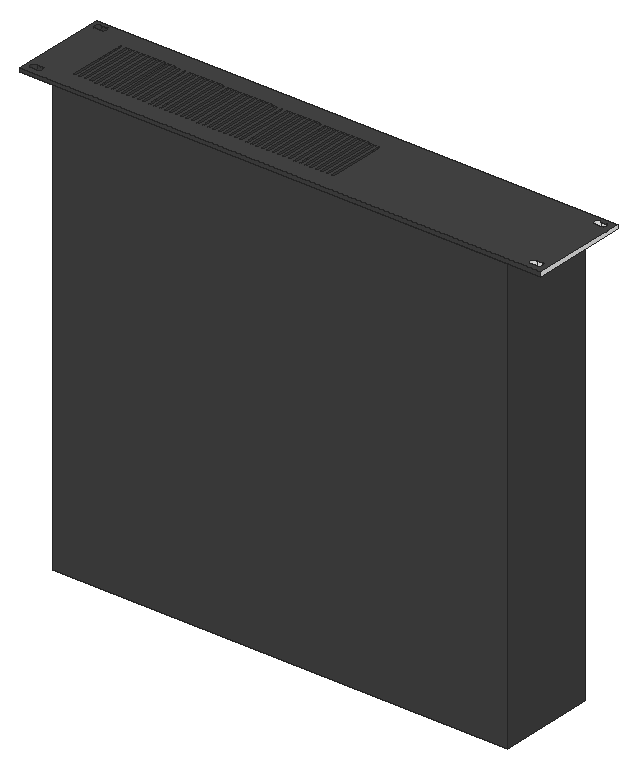
Revit family "Digital_Media-Honeywell-Amplifier-580231(32)", category Electrical Equipment, host Face, Revit 2017
Family settings
  Host = Face
  Round Connector Dimension = Use Diameter
  Part Type = Other Panel
  OmniClass Number = 23.85.50.00
  OmniClass Title = Communication Systems
  Cut with Voids When Loaded = No
  Shared = No
  Room Calculation Point = No
Parameters (values of type "Power amplifier 2XD400 - 580232")
  Width = 482 mm  # constant formula
  Weight = if(Constraints = 1, 16.4999 kgf, 18.9999 kgf)  # 18.9999 kgf
  Watts = if(Constraints = 1, 250 W, 400 W)  # 400 W
  Wattage = if(Constraints = 1, "250 W", "400 W")  # "400 W"
  Voltage = "250"  # constant formula
  Version = "2017 - v1.0a"  # constant formula
  Utility = no
  Storage Temperature = "-10 °C ... 55 °C"  # constant formula
  Rated current = if(Constraints = 1, "2.8 A", "4.5 A")  # "4.5 A"
  Rated Voltage = "230 V AC"  # constant formula
  Rated Load Current = if(Constraints = 1, 2.8 A, 4.5 A)  # 4.5 A
  Rated Frequency = "50 ... 60 Hz"  # constant formula
  Power Output = if(Constraints = 1, "2 x 250 W", "2 x 400 W")  # "2 x 400 W"
  Power Factor = 1
  Number of Poles = 1
  Manufacturer Phone Number = "02131/40615-600"  # constant formula
  Manufacturer Fax Number = "02131/40615-606"  # constant formula
  Manufacturer Email = "mailto:info@esser-systems.com"
  Manufacturer Address = "Dieselstr. 2 41469 Neuss Germany"  # constant formula
  Load Sub-Classification = no
  Frequency = 50 Hz
  Finish = Metal - Honeywell - Stainless Steel - Black
  URL = "www.esser-systems.com"
  Support Phone = "(224) 699-9545"  # constant formula
  Support Email = "mailto:support@anguleris.com"
  Product Page URL = "https://www.esser-systems.com/en/products/details/variodyn-d1/power-amplifier/580232-power-amplifier-2xd400/"
  Product Name = "Power amplifier "  # constant formula
  Product Documentation Link = "https://www.esser-systems.com/en/products/details/variodyn-d1/power-amplifier/580232-power-amplifier-2xd400/download/productdatasheet/3000492"
  Model = if(Constraints = 1, "580231", "580232")  # "580232"
  Material = ""
  Manufacturer = "Honeywell International"  # constant formula
  Keynote = ""
  Height = 89 mm  # constant formula
  Description = if(Constraints = 1, "Power amplifier 2XD250", "Power amplifier 2XD400")  # "Power amplifier 2XD400"
  Depth = 402 mm  # constant formula
  Default Elevation = 1219.2 mm
  Copyright = "© Copyright 2005-2019 Honeywell International Inc. All rights reserved."  # constant formula
  Constraints = 2
  Assembly Code = ""
  Apparent Load = 0 VA
  Ambient Temperature = "-5 °C ... 55 °C"  # constant formula
  Air Humidity = if(Constraints = 1, "0 ... 93 %", "< 93 %")  # "< 93 %"
Types (2, lengths in mm): name | Weight | Watts | Wattage | Rated current | Rated Load Current | Power Output | Product Page URL | Product Documentation Link | Model | Description | Constraints | Air Humidity
  Power amplifier 2XD250 - 580231 | 16.4999 kgf | 250 W | "250 W" | "2.8 A" | 2.8 A | "2 x 250 W" | "https://www.esser-systems.com/en/products/details/variodyn-d1/power-amplifier/580231-power-amplifier-2xd250/" | "https://www.esser-systems.com/en/products/details/variodyn-d1/power-amplifier/580231-power-amplifier-2xd250/download/productdatasheet/3000101" | "580231" | "Power amplifier 2XD250" | 1 | "0 ... 93 %"
  Power amplifier 2XD400 - 580232 | 18.9999 kgf | 400 W | "400 W" | "4.5 A" | 4.5 A | "2 x 400 W" | "https://www.esser-systems.com/en/products/details/variodyn-d1/power-amplifier/580232-power-amplifier-2xd400/" | "https://www.esser-systems.com/en/products/details/variodyn-d1/power-amplifier/580232-power-amplifier-2xd400/download/productdatasheet/3000492" | "580232" | "Power amplifier 2XD400" | 2 | "< 93 %"
Reference planes
  plane 1 "Center (Front/Back)": y = 317.025
  plane 2: z = 0
  plane 3 "Center (Left/Right)": x = 0
  plane 4: y = -857.675
  plane 5: x = -241
  plane 6: x = 241
  plane 7: y = 361.525
  plane 8: y = 272.525
  plane 9 "Back": z = -402
  plane 10: z = 10.875
  plane 11: x = -158.75
Forms (mm)
  Extrusion 1, void
    sketch origin (0, 0, 0) x (1, 0, 0) y (0, 1, 0)
      loop
        line (-241, 361.525) -> (-241, 272.525) -> (241, 272.525) -> (241, 361.525) -> (-241, 361.525)
    from -402 to 10.875
  Extrusion 2, solid, material "Metal - Honeywell - Stainless Steel - Black" <- "Finish"
    sketch origin (0, 0, 0) x (1, 0, 0) y (0, 1, 0)
      loop
        line (241, 272.525) -> (241, 361.525) -> (-241, 361.525) -> (-241, 272.525) -> (241, 272.525)
      loop
        arc (-233.771, 357.367) -> (-236.919, 354.22) -> (-233.771, 351.072) r 3.148
        line (-233.771, 351.072) -> (-228.928, 351.072)
        arc (-228.928, 351.072) -> (-225.78, 354.22) -> (-228.928, 357.367) r 3.148
        line (-228.928, 357.367) -> (-233.771, 357.367)
      loop
        line (-233.771, 276.683) -> (-228.928, 276.683)
        arc (-228.928, 276.683) -> (-225.78, 279.831) -> (-228.928, 282.979) r 3.148
        line (-228.928, 282.979) -> (-233.771, 282.979)
        arc (-233.771, 282.979) -> (-236.919, 279.831) -> (-233.771, 276.683) r 3.148
      loop
        line (233.771, 357.367) -> (228.928, 357.367)
        arc (228.928, 357.367) -> (225.78, 354.22) -> (228.928, 351.072) r 3.148
        line (228.928, 351.072) -> (233.771, 351.072)
        arc (233.771, 351.072) -> (236.919, 354.22) -> (233.771, 357.367) r 3.148
      loop
        arc (233.771, 276.683) -> (236.919, 279.831) -> (233.771, 282.979) r 3.148
        line (233.771, 282.979) -> (228.928, 282.979)
        arc (228.928, 282.979) -> (225.78, 279.831) -> (228.928, 276.683) r 3.148
        line (228.928, 276.683) -> (233.771, 276.683)
      loop
        line (-204.682, 343.22) -> (-204.682, 289.22) -> (-202.153, 289.22) -> (-202.153, 343.22) -> (-204.682, 343.22)
      loop
        line (-199.741, 343.22) -> (-199.741, 289.22) -> (-197.189, 289.22) -> (-197.189, 343.22) -> (-199.741, 343.22)
      loop
        line (-194.682, 343.22) -> (-194.682, 289.22) -> (-192.153, 289.22) -> (-192.153, 343.22) -> (-194.682, 343.22)
      loop
        line (-189.741, 343.22) -> (-189.741, 289.22) -> (-187.189, 289.22) -> (-187.189, 343.22) -> (-189.741, 343.22)
      loop
        line (-184.777, 343.22) -> (-184.777, 289.22) -> (-182.225, 289.22) -> (-182.225, 343.22) -> (-184.777, 343.22)
      loop
        line (-179.718, 343.22) -> (-179.718, 289.22) -> (-177.189, 289.22) -> (-177.189, 343.22) -> (-179.718, 343.22)
      loop
        line (-174.777, 343.22) -> (-174.777, 289.22) -> (-172.225, 289.22) -> (-172.225, 343.22) -> (-174.777, 343.22)
      loop
        line (-169.813, 343.22) -> (-169.813, 289.22) -> (-167.261, 289.22) -> (-167.261, 343.22) -> (-169.813, 343.22)
      loop
        line (-164.754, 343.22) -> (-164.754, 289.22) -> (-162.225, 289.22) -> (-162.225, 343.22) -> (-164.754, 343.22)
      loop
        line (-160.313, 343.22) -> (-160.313, 289.22) -> (-157.761, 289.22) -> (-157.761, 343.22) -> (-160.313, 343.22)
      loop
        line (-155.349, 343.22) -> (-155.349, 289.22) -> (-152.797, 289.22) -> (-152.797, 343.22) -> (-155.349, 343.22)
      loop
        line (-150.29, 343.22) -> (-150.29, 289.22) -> (-147.761, 289.22) -> (-147.761, 343.22) -> (-150.29, 343.22)
      loop
        line (-145.349, 343.22) -> (-145.349, 289.22) -> (-142.797, 289.22) -> (-142.797, 343.22) -> (-145.349, 343.22)
      loop
        line (-140.384, 343.22) -> (-140.384, 289.22) -> (-137.833, 289.22) -> (-137.833, 343.22) -> (-140.384, 343.22)
      loop
        line (-135.325, 343.22) -> (-135.325, 289.22) -> (-132.797, 289.22) -> (-132.797, 343.22) -> (-135.325, 343.22)
      loop
        line (-130.384, 343.22) -> (-130.384, 289.22) -> (-127.833, 289.22) -> (-127.833, 343.22) -> (-130.384, 343.22)
      loop
        line (-125.42, 343.22) -> (-125.42, 289.22) -> (-122.868, 289.22) -> (-122.868, 343.22) -> (-125.42, 343.22)
      loop
        line (-120.361, 343.22) -> (-120.361, 289.22) -> (-117.833, 289.22) -> (-117.833, 343.22) -> (-120.361, 343.22)
      loop
        line (-115.42, 343.22) -> (-115.42, 289.22) -> (-112.868, 289.22) -> (-112.868, 343.22) -> (-115.42, 343.22)
      loop
        line (-110.456, 343.22) -> (-110.456, 289.22) -> (-107.904, 289.22) -> (-107.904, 343.22) -> (-110.456, 343.22)
      loop
        line (-105.397, 343.22) -> (-105.397, 289.22) -> (-102.868, 289.22) -> (-102.868, 343.22) -> (-105.397, 343.22)
      loop
        line (-100.456, 343.22) -> (-100.456, 289.22) -> (-97.904, 289.22) -> (-97.904, 343.22) -> (-100.456, 343.22)
      loop
        line (-95.492, 343.22) -> (-95.492, 289.22) -> (-92.94, 289.22) -> (-92.94, 343.22) -> (-95.492, 343.22)
      loop
        line (-90.433, 343.22) -> (-90.433, 289.22) -> (-87.904, 289.22) -> (-87.904, 343.22) -> (-90.433, 343.22)
      loop
        line (-85.492, 343.22) -> (-85.492, 289.22) -> (-82.94, 289.22) -> (-82.94, 343.22) -> (-85.492, 343.22)
      loop
        line (-80.528, 343.22) -> (-80.528, 289.22) -> (-77.976, 289.22) -> (-77.976, 343.22) -> (-80.528, 343.22)
      loop
        line (-75.469, 343.22) -> (-75.469, 289.22) -> (-72.94, 289.22) -> (-72.94, 343.22) -> (-75.469, 343.22)
      loop
        line (-70.528, 343.22) -> (-70.528, 289.22) -> (-67.976, 289.22) -> (-67.976, 343.22) -> (-70.528, 343.22)
      loop
        line (-65.564, 343.22) -> (-65.564, 289.22) -> (-63.012, 289.22) -> (-63.012, 343.22) -> (-65.564, 343.22)
      loop
        line (-60.505, 343.22) -> (-60.505, 289.22) -> (-57.976, 289.22) -> (-57.976, 343.22) -> (-60.505, 343.22)
      loop
        line (-55.564, 343.22) -> (-55.564, 289.22) -> (-53.012, 289.22) -> (-53.012, 343.22) -> (-55.564, 343.22)
      loop
        line (-50.6, 343.22) -> (-50.6, 289.22) -> (-48.048, 289.22) -> (-48.048, 343.22) -> (-50.6, 343.22)
      loop
        line (-45.541, 343.22) -> (-45.541, 289.22) -> (-43.012, 289.22) -> (-43.012, 343.22) -> (-45.541, 343.22)
      loop
        line (-40.6, 343.22) -> (-40.6, 289.22) -> (-38.048, 289.22) -> (-38.048, 343.22) -> (-40.6, 343.22)
      loop
        line (-35.635, 343.22) -> (-35.635, 289.22) -> (-33.084, 289.22) -> (-33.084, 343.22) -> (-35.635, 343.22)
      loop
        line (-30.577, 343.22) -> (-30.577, 289.22) -> (-28.048, 289.22) -> (-28.048, 343.22) -> (-30.577, 343.22)
      loop
        line (-25.635, 343.22) -> (-25.635, 289.22) -> (-23.084, 289.22) -> (-23.084, 343.22) -> (-25.635, 343.22)
      loop
        line (-20.671, 343.22) -> (-20.671, 289.22) -> (-18.119, 289.22) -> (-18.119, 343.22) -> (-20.671, 343.22)
      loop
        line (-15.612, 343.22) -> (-15.612, 289.22) -> (-13.084, 289.22) -> (-13.084, 343.22) -> (-15.612, 343.22)
      loop
        line (-10.671, 343.22) -> (-10.671, 289.22) -> (-8.119, 289.22) -> (-8.119, 343.22) -> (-10.671, 343.22)
      loop
        line (-5.707, 343.22) -> (-5.707, 289.22) -> (-3.155, 289.22) -> (-3.155, 343.22) -> (-5.707, 343.22)
      loop
        line (-0.648, 343.22) -> (-0.648, 289.22) -> (1.881, 289.22) -> (1.881, 343.22) -> (-0.648, 343.22)
      loop
        line (4.293, 343.22) -> (4.293, 289.22) -> (6.845, 289.22) -> (6.845, 343.22) -> (4.293, 343.22)
      loop
        line (9.257, 343.22) -> (9.257, 289.22) -> (11.809, 289.22) -> (11.809, 343.22) -> (9.257, 343.22)
      loop
        line (14.316, 343.22) -> (14.316, 289.22) -> (16.845, 289.22) -> (16.845, 343.22) -> (14.316, 343.22)
      loop
        line (19.257, 343.22) -> (19.257, 289.22) -> (21.809, 289.22) -> (21.809, 343.22) -> (19.257, 343.22)
      loop
        line (24.221, 343.22) -> (24.221, 289.22) -> (26.773, 289.22) -> (26.773, 343.22) -> (24.221, 343.22)
      loop
        line (29.28, 343.22) -> (29.28, 289.22) -> (31.809, 289.22) -> (31.809, 343.22) -> (29.28, 343.22)
      loop
        line (34.221, 343.22) -> (34.221, 289.22) -> (36.773, 289.22) -> (36.773, 343.22) -> (34.221, 343.22)
    from 0 to 4
  Extrusion 3, solid, material "Metal - Honeywell - Stainless Steel - Black"
    sketch origin (0, 0, 0) x (1, 0, 0) y (0, 1, 0)
      loop
        line (-210.879, 361.525) -> (-210.879, 272.525) -> (211, 272.525) -> (211, 361.525) -> (-210.879, 361.525)
    from 0 to -402
Lines and regions (mm)
  Masking region 1
    outline origin (0, 317.025, 0) x (1, 0, 0) y (0, 0, 1)
      loop
        line (-241, -402) -> (241, -402) -> (241, 4) -> (-241, 4) -> (-241, -402)
  Split face 1
    outline origin (-58.762, -6.79, 4) x (1, 0, 0) y (0, 1, 0)
      loop
        line (112.112, 324.85) -> (112.112, 321.479) -> (139.337, 321.479) -> (139.337, 324.85) -> (112.112, 324.85)
  Split face 2
    outline origin (-30.857, -30.226, 4) x (1, 0, 0) y (0, 1, 0)
      loop
        line (84.583, 352.548) -> (84.583, 348.952) -> (111.825, 348.952) -> (111.825, 352.548) -> (84.583, 352.548)
  Split face 3
    outline origin (-58.762, -6.172, 4) x (1, 0, 0) y (0, 1, 0)
      loop
        line (112.112, 319.232) -> (112.112, 315.524) -> (139.924, 315.524) -> (139.924, 319.232) -> (112.112, 319.232)
  Split face 4
    outline origin (-38.023, -5.432, 4) x (1, 0, 0) y (0, 1, 0)
      loop
        line (91.371, 313.077) -> (91.371, 309.818) -> (118.973, 309.818) -> (118.973, 313.077) -> (91.371, 313.077)
  Split face 5
    outline origin (0, 0, 4) x (1, 0, 0) y (0, 1, 0)
      loop
        line (178.089, 361.525) -> (178.089, 272.525)
  Split face 6
    outline origin (0, 0, 4) x (1, 0, 0) y (0, 1, 0)
      loop
        line (80.951, 303.225) -> (80.951, 296.784) -> (114.421, 296.784) -> (114.421, 303.225) -> (80.951, 303.225)
  Split face 7
    outline origin (-0.563, -33.983, 4) x (1, 0, 0) y (0, 1, 0)
      loop
        line (128.232, 356.869) -> (128.232, 353.854) -> (148.955, 353.854) -> (148.955, 356.869) -> (128.232, 356.869)
  Split face 8
    outline origin (0, 0, 4) x (1, 0, 0) y (0, 1, 0)
      loop
        line (128.232, 313.059) -> (128.232, 309.351) -> (148.955, 309.351) -> (148.955, 313.059) -> (128.232, 313.059)
  Split face 9
    outline origin (0, 0, 4) x (1, 0, 0) y (0, 1, 0)
      loop
        line (128.232, 306.909) -> (128.232, 303.829) -> (148.955, 303.829) -> (148.955, 306.909) -> (128.232, 306.909)
  Split face 10
    outline origin (0, 0, 4) x (1, 0, 0) y (0, 1, 0)
      loop
        line (53.726, 329.107) -> (53.726, 325.352) -> (81.162, 325.352) -> (81.162, 329.107) -> (53.726, 329.107)
  Split face 11
    outline origin (0, 0, 4) x (1, 0, 0) y (0, 1, 0)
      loop
        line (128.232, 329.107) -> (128.232, 325.352) -> (148.955, 325.352) -> (148.955, 329.107) -> (128.232, 329.107)
  Split face 12
    outline origin (-241, 361.525, 0) x (1, 0, 0) y (0, 0, -1)
      loop
        line (419.089, -4) -> (419.089, 0)
  Split face 13
    outline origin (241, 272.525, 0) x (-1, 0, 0) y (0, 0, -1)
      loop
        line (62.911, -4) -> (62.911, 0)
Dimensions and locks
  "Default Elevation": plane 4 to plane 7
  plane 10 to Masking region 1 = 6.875 mm
  "Depth": level to plane 9 "Back"
  "Height": plane 8 to plane 7
  equal spacing: plane 5, plane 3 "Center (Left/Right)", plane 6
  "Width": plane 5 to plane 6
  equal spacing: plane 8, plane 1 "Center (Front/Back)", plane 7
  locked: plane 10 to level at 10.875
  locked: plane 5 to Extrusion 3 sketch curve at 30.121
  locked: Extrusion 3 sketch curve to plane 6 at 30
  locked: Extrusion 2 to level at 4  (x3)
  Extrusion 2 sketch curve to Extrusion 2 sketch curve to plane 7 = 6.296 mm locked, 4.158 mm locked  (x2)
  plane 5 to Extrusion 2 sketch curve to Extrusion 2 sketch curve = 4.081 mm locked, 11.139 mm  (x2)
  Extrusion 2 sketch curve to Extrusion 2 sketch curve to plane 8 = 6.296 mm locked, 4.158 mm locked  (x2)
  plane 6 to Extrusion 2 sketch curve to Extrusion 2 sketch curve = 4.081 mm locked, 11.139 mm  (x2)
  locked: host sketch curve to plane 3 "Center (Left/Right)" at 1219.2  (x12)
  locked: host sketch curve to plane 1 "Center (Front/Back)" at 1536.225  (x6)
  locked: host sketch curve to plane 1 "Center (Front/Back)" at 902.175  (x6)
  locked: Extrusion 1 sketch curve to plane 3 "Center (Left/Right)" at 241  (x12)
  locked: Extrusion 1 sketch curve to plane 1 "Center (Front/Back)" at 44.5  (x12)
  locked: Extrusion 2 to plane 3 "Center (Left/Right)" at 241  (x4)
  locked: Extrusion 2 to plane 3 "Center (Left/Right)" at 202.153  (x2)
  locked: Extrusion 2 to plane 3 "Center (Left/Right)" at 204.682  (x2)
  locked: Extrusion 2 to plane 3 "Center (Left/Right)" at 197.189  (x2)
  locked: Extrusion 2 to plane 3 "Center (Left/Right)" at 199.741  (x2)
  locked: Extrusion 2 to plane 3 "Center (Left/Right)" at 192.153  (x2)
  locked: Extrusion 2 to plane 3 "Center (Left/Right)" at 194.682  (x2)
  locked: Extrusion 2 to plane 3 "Center (Left/Right)" at 187.189  (x2)
  locked: Extrusion 2 to plane 3 "Center (Left/Right)" at 189.741  (x2)
  locked: Extrusion 2 to plane 3 "Center (Left/Right)" at 182.225  (x2)
  locked: Extrusion 2 to plane 3 "Center (Left/Right)" at 184.777  (x2)
  locked: Extrusion 2 to plane 3 "Center (Left/Right)" at 177.189  (x2)
  locked: Extrusion 2 to plane 3 "Center (Left/Right)" at 179.718  (x2)
  locked: Extrusion 2 to plane 3 "Center (Left/Right)" at 172.225  (x2)
  locked: Extrusion 2 to plane 3 "Center (Left/Right)" at 174.777  (x2)
  locked: Extrusion 2 to plane 3 "Center (Left/Right)" at 167.261  (x2)
  locked: Extrusion 2 to plane 3 "Center (Left/Right)" at 169.813  (x2)
  locked: Extrusion 2 to plane 3 "Center (Left/Right)" at 162.225  (x2)
  locked: Extrusion 2 to plane 3 "Center (Left/Right)" at 164.754  (x2)
  locked: Extrusion 2 to plane 3 "Center (Left/Right)" at 157.761  (x2)
  locked: Extrusion 2 to plane 3 "Center (Left/Right)" at 160.313  (x2)
  locked: Extrusion 2 to plane 3 "Center (Left/Right)" at 152.797  (x2)
  locked: Extrusion 2 to plane 3 "Center (Left/Right)" at 155.349  (x2)
  locked: Extrusion 2 to plane 3 "Center (Left/Right)" at 147.761  (x2)
  locked: Extrusion 2 to plane 3 "Center (Left/Right)" at 150.29  (x2)
  locked: Extrusion 2 to plane 3 "Center (Left/Right)" at 142.797  (x2)
  locked: Extrusion 2 to plane 3 "Center (Left/Right)" at 145.349  (x2)
  locked: Extrusion 2 to plane 3 "Center (Left/Right)" at 137.833  (x2)
  locked: Extrusion 2 to plane 3 "Center (Left/Right)" at 140.384  (x2)
  locked: Extrusion 2 to plane 3 "Center (Left/Right)" at 132.797  (x2)
  locked: Extrusion 2 to plane 3 "Center (Left/Right)" at 135.325  (x2)
  locked: Extrusion 2 to plane 3 "Center (Left/Right)" at 127.833  (x2)
  locked: Extrusion 2 to plane 3 "Center (Left/Right)" at 130.384  (x2)
  locked: Extrusion 2 to plane 3 "Center (Left/Right)" at 122.868  (x2)
  locked: Extrusion 2 to plane 3 "Center (Left/Right)" at 125.42  (x2)
  locked: Extrusion 2 to plane 3 "Center (Left/Right)" at 117.833  (x2)
  locked: Extrusion 2 to plane 3 "Center (Left/Right)" at 120.361  (x2)
  locked: Extrusion 2 to plane 3 "Center (Left/Right)" at 112.868  (x2)
  locked: Extrusion 2 to plane 3 "Center (Left/Right)" at 115.42  (x2)
  locked: Extrusion 2 to plane 3 "Center (Left/Right)" at 107.904  (x2)
  locked: Extrusion 2 to plane 3 "Center (Left/Right)" at 110.456  (x2)
  locked: Extrusion 2 to plane 3 "Center (Left/Right)" at 102.868  (x2)
  locked: Extrusion 2 to plane 3 "Center (Left/Right)" at 105.397  (x2)
  locked: Extrusion 2 to plane 3 "Center (Left/Right)" at 97.904  (x2)
  locked: Extrusion 2 to plane 3 "Center (Left/Right)" at 100.456  (x2)
  locked: Extrusion 2 to plane 3 "Center (Left/Right)" at 92.94  (x2)
  locked: Extrusion 2 to plane 3 "Center (Left/Right)" at 95.492  (x2)
  locked: Extrusion 2 to plane 3 "Center (Left/Right)" at 87.904  (x2)
  locked: Extrusion 2 to plane 3 "Center (Left/Right)" at 90.433  (x2)
  locked: Extrusion 2 to plane 3 "Center (Left/Right)" at 82.94  (x2)
  locked: Extrusion 2 to plane 3 "Center (Left/Right)" at 85.492  (x2)
  locked: Extrusion 2 to plane 3 "Center (Left/Right)" at 77.976  (x2)
  locked: Extrusion 2 to plane 3 "Center (Left/Right)" at 80.528  (x2)
  locked: Extrusion 2 to plane 3 "Center (Left/Right)" at 72.94  (x2)
  locked: Extrusion 2 to plane 3 "Center (Left/Right)" at 75.469  (x2)
  locked: Extrusion 2 to plane 3 "Center (Left/Right)" at 67.976  (x2)
  locked: Extrusion 2 to plane 3 "Center (Left/Right)" at 70.528  (x2)
  locked: Extrusion 2 to plane 3 "Center (Left/Right)" at 63.012  (x2)
  locked: Extrusion 2 to plane 3 "Center (Left/Right)" at 65.564  (x2)
  locked: Extrusion 2 to plane 3 "Center (Left/Right)" at 57.976  (x2)
  locked: Extrusion 2 to plane 3 "Center (Left/Right)" at 60.505  (x2)
  locked: Extrusion 2 to plane 3 "Center (Left/Right)" at 53.012  (x2)
  locked: Extrusion 2 to plane 3 "Center (Left/Right)" at 55.564  (x2)
  locked: Extrusion 2 to plane 3 "Center (Left/Right)" at 48.048  (x2)
  locked: Extrusion 2 to plane 3 "Center (Left/Right)" at 50.6  (x2)
  locked: Extrusion 2 to plane 3 "Center (Left/Right)" at 43.012  (x2)
  locked: Extrusion 2 to plane 3 "Center (Left/Right)" at 45.541  (x2)
  locked: Extrusion 2 to plane 3 "Center (Left/Right)" at 38.048  (x2)
  locked: Extrusion 2 to plane 3 "Center (Left/Right)" at 40.6  (x2)
  locked: Extrusion 2 to plane 3 "Center (Left/Right)" at 33.084  (x2)
  locked: Extrusion 2 to plane 3 "Center (Left/Right)" at 35.635  (x2)
  locked: Extrusion 2 to plane 3 "Center (Left/Right)" at 28.048  (x2)
  locked: Extrusion 2 to plane 3 "Center (Left/Right)" at 30.577  (x2)
  locked: Extrusion 2 to plane 3 "Center (Left/Right)" at 23.084  (x2)
  locked: Extrusion 2 to plane 3 "Center (Left/Right)" at 25.635  (x2)
  locked: Extrusion 2 to plane 3 "Center (Left/Right)" at 18.119  (x2)
  locked: Extrusion 2 to plane 3 "Center (Left/Right)" at 20.671  (x2)
  locked: Extrusion 2 to plane 3 "Center (Left/Right)" at 13.084  (x2)
  locked: Extrusion 2 to plane 3 "Center (Left/Right)" at 15.612  (x2)
  locked: Extrusion 2 to plane 3 "Center (Left/Right)" at 8.119  (x2)
  locked: Extrusion 2 to plane 3 "Center (Left/Right)" at 10.671  (x2)
  locked: Extrusion 2 to plane 3 "Center (Left/Right)" at 3.155  (x2)
  locked: Extrusion 2 to plane 3 "Center (Left/Right)" at 5.707  (x2)
  locked: Extrusion 2 to plane 3 "Center (Left/Right)" at 1.881  (x2)
  locked: Extrusion 2 to plane 3 "Center (Left/Right)" at 6.845  (x2)
  locked: Extrusion 2 to plane 3 "Center (Left/Right)" at 4.293  (x2)
  locked: Extrusion 2 to plane 3 "Center (Left/Right)" at 11.809  (x2)
  locked: Extrusion 2 to plane 3 "Center (Left/Right)" at 9.257  (x2)
  locked: Extrusion 2 to plane 3 "Center (Left/Right)" at 16.845  (x2)
  locked: Extrusion 2 to plane 3 "Center (Left/Right)" at 14.316  (x2)
  locked: Extrusion 2 to plane 3 "Center (Left/Right)" at 21.809  (x2)
  locked: Extrusion 2 to plane 3 "Center (Left/Right)" at 19.257  (x2)
  locked: Extrusion 2 to plane 3 "Center (Left/Right)" at 26.773  (x2)
  locked: Extrusion 2 to plane 3 "Center (Left/Right)" at 24.221  (x2)
  locked: Extrusion 2 to plane 3 "Center (Left/Right)" at 31.809  (x2)
  locked: Extrusion 2 to plane 3 "Center (Left/Right)" at 29.28  (x2)
  locked: Extrusion 2 to plane 3 "Center (Left/Right)" at 36.773  (x2)
  locked: Extrusion 2 to plane 3 "Center (Left/Right)" at 34.221  (x2)
  locked: Extrusion 2 to plane 1 "Center (Front/Back)" at 44.5  (x4)
  locked: Extrusion 2 to plane 1 "Center (Front/Back)" at 34.046  (x8)
  locked: Extrusion 2 to plane 1 "Center (Front/Back)" at 40.342  (x8)
  locked: Extrusion 2 to plane 1 "Center (Front/Back)" at 27.805  (x98)
  locked: Extrusion 2 to plane 1 "Center (Front/Back)" at 26.195  (x98)
  locked: Extrusion 2 sketch curve to plane 1 "Center (Front/Back)" at 44.5  (x12)
  locked: Extrusion 2 sketch curve to plane 1 "Center (Front/Back)" at 40.342  (x40)
  locked: Extrusion 2 sketch curve to plane 1 "Center (Front/Back)" at 34.046  (x48)
  locked: Extrusion 2 sketch curve to plane 1 "Center (Front/Back)" at 27.805  (x294)
  locked: Extrusion 2 sketch curve to plane 1 "Center (Front/Back)" at 26.195  (x294)
  locked: Extrusion 2 sketch curve to plane 3 "Center (Left/Right)" at 241  (x6)
  locked: Extrusion 2 sketch curve to plane 3 "Center (Left/Right)" at 228.928  (x8)
  locked: Extrusion 2 sketch curve to plane 3 "Center (Left/Right)" at 233.771  (x8)
  locked: Extrusion 2 sketch curve to plane 3 "Center (Left/Right)" at 202.153  (x3)
  locked: Extrusion 2 sketch curve to plane 3 "Center (Left/Right)" at 204.682  (x3)
  locked: Extrusion 2 sketch curve to plane 3 "Center (Left/Right)" at 197.189  (x3)
  locked: Extrusion 2 sketch curve to plane 3 "Center (Left/Right)" at 199.741  (x3)
  locked: Extrusion 2 sketch curve to plane 3 "Center (Left/Right)" at 192.153  (x3)
  locked: Extrusion 2 sketch curve to plane 3 "Center (Left/Right)" at 194.682  (x3)
  locked: Extrusion 2 sketch curve to plane 3 "Center (Left/Right)" at 187.189  (x3)
  locked: Extrusion 2 sketch curve to plane 3 "Center (Left/Right)" at 189.741  (x3)
  locked: Extrusion 2 sketch curve to plane 3 "Center (Left/Right)" at 182.225  (x3)
  locked: Extrusion 2 sketch curve to plane 3 "Center (Left/Right)" at 184.777  (x3)
  locked: Extrusion 2 sketch curve to plane 3 "Center (Left/Right)" at 177.189  (x3)
  locked: Extrusion 2 sketch curve to plane 3 "Center (Left/Right)" at 179.718  (x3)
  locked: Extrusion 2 sketch curve to plane 3 "Center (Left/Right)" at 172.225  (x3)
  locked: Extrusion 2 sketch curve to plane 3 "Center (Left/Right)" at 174.777  (x3)
  locked: Extrusion 2 sketch curve to plane 3 "Center (Left/Right)" at 167.261  (x3)
  locked: Extrusion 2 sketch curve to plane 3 "Center (Left/Right)" at 169.813  (x3)
  locked: Extrusion 2 sketch curve to plane 3 "Center (Left/Right)" at 162.225  (x3)
  locked: Extrusion 2 sketch curve to plane 3 "Center (Left/Right)" at 164.754  (x3)
  locked: Extrusion 2 sketch curve to plane 3 "Center (Left/Right)" at 157.761  (x3)
  locked: Extrusion 2 sketch curve to plane 3 "Center (Left/Right)" at 160.313  (x3)
  locked: Extrusion 2 sketch curve to plane 3 "Center (Left/Right)" at 152.797  (x3)
  locked: Extrusion 2 sketch curve to plane 3 "Center (Left/Right)" at 155.349  (x3)
  locked: Extrusion 2 sketch curve to plane 3 "Center (Left/Right)" at 147.761  (x3)
  locked: Extrusion 2 sketch curve to plane 3 "Center (Left/Right)" at 150.29  (x3)
  locked: Extrusion 2 sketch curve to plane 3 "Center (Left/Right)" at 142.797  (x3)
  locked: Extrusion 2 sketch curve to plane 3 "Center (Left/Right)" at 145.349  (x3)
  locked: Extrusion 2 sketch curve to plane 3 "Center (Left/Right)" at 137.833  (x3)
  locked: Extrusion 2 sketch curve to plane 3 "Center (Left/Right)" at 140.384  (x3)
  locked: Extrusion 2 sketch curve to plane 3 "Center (Left/Right)" at 132.797  (x3)
  locked: Extrusion 2 sketch curve to plane 3 "Center (Left/Right)" at 135.325  (x3)
  locked: Extrusion 2 sketch curve to plane 3 "Center (Left/Right)" at 127.833  (x3)
  locked: Extrusion 2 sketch curve to plane 3 "Center (Left/Right)" at 130.384  (x3)
  locked: Extrusion 2 sketch curve to plane 3 "Center (Left/Right)" at 122.868  (x3)
  locked: Extrusion 2 sketch curve to plane 3 "Center (Left/Right)" at 125.42  (x3)
  locked: Extrusion 2 sketch curve to plane 3 "Center (Left/Right)" at 117.833  (x3)
  locked: Extrusion 2 sketch curve to plane 3 "Center (Left/Right)" at 120.361  (x3)
  locked: Extrusion 2 sketch curve to plane 3 "Center (Left/Right)" at 112.868  (x3)
  locked: Extrusion 2 sketch curve to plane 3 "Center (Left/Right)" at 115.42  (x3)
  locked: Extrusion 2 sketch curve to plane 3 "Center (Left/Right)" at 107.904  (x3)
  locked: Extrusion 2 sketch curve to plane 3 "Center (Left/Right)" at 110.456  (x3)
  locked: Extrusion 2 sketch curve to plane 3 "Center (Left/Right)" at 102.868  (x3)
  locked: Extrusion 2 sketch curve to plane 3 "Center (Left/Right)" at 105.397  (x3)
  locked: Extrusion 2 sketch curve to plane 3 "Center (Left/Right)" at 97.904  (x3)
  locked: Extrusion 2 sketch curve to plane 3 "Center (Left/Right)" at 100.456  (x3)
  locked: Extrusion 2 sketch curve to plane 3 "Center (Left/Right)" at 92.94  (x3)
  locked: Extrusion 2 sketch curve to plane 3 "Center (Left/Right)" at 95.492  (x3)
  locked: Extrusion 2 sketch curve to plane 3 "Center (Left/Right)" at 87.904  (x3)
  locked: Extrusion 2 sketch curve to plane 3 "Center (Left/Right)" at 90.433  (x3)
  locked: Extrusion 2 sketch curve to plane 3 "Center (Left/Right)" at 82.94  (x3)
  locked: Extrusion 2 sketch curve to plane 3 "Center (Left/Right)" at 85.492  (x3)
  locked: Extrusion 2 sketch curve to plane 3 "Center (Left/Right)" at 77.976  (x3)
  locked: Extrusion 2 sketch curve to plane 3 "Center (Left/Right)" at 80.528  (x3)
  locked: Extrusion 2 sketch curve to plane 3 "Center (Left/Right)" at 72.94  (x3)
  locked: Extrusion 2 sketch curve to plane 3 "Center (Left/Right)" at 75.469  (x3)
  locked: Extrusion 2 sketch curve to plane 3 "Center (Left/Right)" at 67.976  (x3)
  locked: Extrusion 2 sketch curve to plane 3 "Center (Left/Right)" at 70.528  (x3)
  locked: Extrusion 2 sketch curve to plane 3 "Center (Left/Right)" at 63.012  (x3)
  locked: Extrusion 2 sketch curve to plane 3 "Center (Left/Right)" at 65.564  (x3)
  locked: Extrusion 2 sketch curve to plane 3 "Center (Left/Right)" at 57.976  (x3)
  locked: Extrusion 2 sketch curve to plane 3 "Center (Left/Right)" at 60.505  (x3)
  locked: Extrusion 2 sketch curve to plane 3 "Center (Left/Right)" at 53.012  (x3)
  locked: Extrusion 2 sketch curve to plane 3 "Center (Left/Right)" at 55.564  (x3)
  locked: Extrusion 2 sketch curve to plane 3 "Center (Left/Right)" at 48.048  (x3)
  locked: Extrusion 2 sketch curve to plane 3 "Center (Left/Right)" at 50.6  (x3)
  locked: Extrusion 2 sketch curve to plane 3 "Center (Left/Right)" at 43.012  (x3)
  locked: Extrusion 2 sketch curve to plane 3 "Center (Left/Right)" at 45.541  (x3)
  locked: Extrusion 2 sketch curve to plane 3 "Center (Left/Right)" at 38.048  (x3)
  locked: Extrusion 2 sketch curve to plane 3 "Center (Left/Right)" at 40.6  (x3)
  locked: Extrusion 2 sketch curve to plane 3 "Center (Left/Right)" at 33.084  (x3)
  locked: Extrusion 2 sketch curve to plane 3 "Center (Left/Right)" at 35.635  (x3)
  locked: Extrusion 2 sketch curve to plane 3 "Center (Left/Right)" at 28.048  (x3)
  locked: Extrusion 2 sketch curve to plane 3 "Center (Left/Right)" at 30.577  (x3)
  locked: Extrusion 2 sketch curve to plane 3 "Center (Left/Right)" at 23.084  (x3)
  locked: Extrusion 2 sketch curve to plane 3 "Center (Left/Right)" at 25.635  (x3)
  locked: Extrusion 2 sketch curve to plane 3 "Center (Left/Right)" at 18.119  (x3)
  locked: Extrusion 2 sketch curve to plane 3 "Center (Left/Right)" at 20.671  (x3)
  locked: Extrusion 2 sketch curve to plane 3 "Center (Left/Right)" at 13.084  (x3)
  locked: Extrusion 2 sketch curve to plane 3 "Center (Left/Right)" at 15.612  (x3)
  locked: Extrusion 2 sketch curve to plane 3 "Center (Left/Right)" at 8.119  (x3)
  locked: Extrusion 2 sketch curve to plane 3 "Center (Left/Right)" at 10.671  (x3)
  locked: Extrusion 2 sketch curve to plane 3 "Center (Left/Right)" at 3.155  (x3)
  locked: Extrusion 2 sketch curve to plane 3 "Center (Left/Right)" at 5.707  (x3)
  locked: Extrusion 2 sketch curve to plane 3 "Center (Left/Right)" at 1.881  (x3)
  locked: Extrusion 2 sketch curve to plane 3 "Center (Left/Right)" at 6.845  (x3)
  locked: Extrusion 2 sketch curve to plane 3 "Center (Left/Right)" at 4.293  (x3)
  locked: Extrusion 2 sketch curve to plane 3 "Center (Left/Right)" at 11.809  (x3)
  locked: Extrusion 2 sketch curve to plane 3 "Center (Left/Right)" at 9.257  (x3)
  locked: Extrusion 2 sketch curve to plane 3 "Center (Left/Right)" at 16.845  (x3)
  locked: Extrusion 2 sketch curve to plane 3 "Center (Left/Right)" at 14.316  (x3)
  locked: Extrusion 2 sketch curve to plane 3 "Center (Left/Right)" at 21.809  (x3)
  locked: Extrusion 2 sketch curve to plane 3 "Center (Left/Right)" at 19.257  (x3)
  locked: Extrusion 2 sketch curve to plane 3 "Center (Left/Right)" at 26.773  (x3)
  locked: Extrusion 2 sketch curve to plane 3 "Center (Left/Right)" at 24.221  (x3)
  locked: Extrusion 2 sketch curve to plane 3 "Center (Left/Right)" at 31.809  (x3)
  locked: Extrusion 2 sketch curve to plane 3 "Center (Left/Right)" at 29.28  (x3)
  locked: Extrusion 2 sketch curve to plane 3 "Center (Left/Right)" at 36.773  (x3)
  locked: Extrusion 2 sketch curve to plane 3 "Center (Left/Right)" at 34.221  (x3)
  locked: Extrusion 3 to plane 3 "Center (Left/Right)" at 210.879  (x2)
  locked: Extrusion 3 to plane 3 "Center (Left/Right)" at 211  (x2)
  locked: Extrusion 3 sketch curve to plane 3 "Center (Left/Right)" at 211  (x6)
  locked: Extrusion 3 sketch curve to plane 3 "Center (Left/Right)" at 210.879  (x6)
  locked: Extrusion 3 to plane 1 "Center (Front/Back)" at 44.5  (x4)
  locked: Extrusion 3 sketch curve to plane 1 "Center (Front/Back)" at 44.5  (x12)
  locked: Extrusion 3 to level at 402  (x2)
  aligned and locked: plane 2 to host face
  aligned and locked: Masking region 1 sketch curve to plane 9 "Back"
  aligned and locked: Masking region 1 to plane 6
  aligned and locked: Masking region 1 to plane 5
  aligned and locked: Extrusion 1 to plane 9 "Back"
  aligned and locked: plane 10 to Extrusion 1
  aligned and locked: plane 7 to Extrusion 3 sketch curve
  aligned and locked: Extrusion 3 sketch curve to plane 8
  aligned and locked: Extrusion 3 to plane 9 "Back"
  aligned and locked: level to Extrusion 3
  aligned and locked: Masking region 1 to Extrusion 2
Automatic sketch dimensions
  plane 5 to Masking region 1 sketch curve = 0 mm
  Masking region 1 sketch curve to plane 6 = 0 mm
  level to Masking region 1 sketch curve = 4 mm
  plane 8 to Extrusion 2 sketch curve = 0 mm
  plane 7 to Extrusion 2 sketch curve = 0 mm
  Extrusion 2 sketch curve to plane 3 "Center (Left/Right)" = 0.648 mm
  Extrusion 2 sketch curve to plane 8 = 16.695 mm  (x2)
  Extrusion 2 sketch curve to Extrusion 2 sketch curve = 0 mm  (x94)
  plane 7 to Extrusion 2 sketch curve = 18.305 mm  (x2)
  Split face 1 sketch curve to Extrusion 2 = 31.711 mm
  Split face 1 sketch curve to Extrusion 2 = 187.65 mm
  Split face 1 sketch curve to Split face 1 sketch curve = 27.225 mm
  Split face 1 sketch curve to Split face 1 sketch curve = 3.371 mm
  Split face 2 sketch curve to Extrusion 2 = 32.345 mm
  Split face 2 sketch curve to Extrusion 2 = 187.274 mm
  Split face 2 sketch curve to Split face 2 sketch curve = 27.242 mm
  Split face 2 sketch curve to Split face 2 sketch curve = 3.596 mm
  Split face 3 sketch curve to Extrusion 2 = 26.373 mm
  Split face 3 sketch curve to Extrusion 2 = 187.65 mm
  Split face 3 sketch curve to Split face 3 sketch curve = 27.812 mm
  Split face 3 sketch curve to Split face 3 sketch curve = 3.708 mm
  Split face 4 sketch curve to Extrusion 2 = 21.407 mm
  Split face 4 sketch curve to Extrusion 2 = 187.652 mm
  Split face 4 sketch curve to Split face 4 sketch curve = 27.603 mm
  Split face 4 sketch curve to Split face 4 sketch curve = 3.259 mm
  Extrusion 2 to Split face 5 sketch curve = 0 mm
  Split face 5 sketch curve to Extrusion 2 = 0 mm
  Split face 5 sketch curve to Extrusion 2 = 62.911 mm
  Split face 6 sketch curve to Extrusion 2 = 13.806 mm
  Split face 6 sketch curve to Extrusion 2 = 160.049 mm
  Split face 6 sketch curve to Split face 6 sketch curve = 33.47 mm
  Split face 6 sketch curve to Split face 6 sketch curve = 6.441 mm
  Split face 7 sketch curve to Extrusion 2 = 31.201 mm
  Split face 7 sketch curve to Extrusion 2 = 113.331 mm
  Split face 7 sketch curve to Split face 7 sketch curve = 20.723 mm
  Split face 7 sketch curve to Split face 7 sketch curve = 3.015 mm
  Split face 8 sketch curve to Extrusion 2 = 26.373 mm
  Split face 8 sketch curve to Extrusion 2 = 112.768 mm
  Split face 8 sketch curve to Split face 8 sketch curve = 20.723 mm
  Split face 8 sketch curve to Split face 8 sketch curve = 3.708 mm
  Split face 9 sketch curve to Extrusion 2 = 20.85 mm
  Split face 9 sketch curve to Extrusion 2 = 112.768 mm
  Split face 9 sketch curve to Split face 9 sketch curve = 20.723 mm
  Split face 9 sketch curve to Split face 9 sketch curve = 3.08 mm
  Split face 10 sketch curve to Extrusion 2 = 25.72 mm
  Split face 10 sketch curve to Extrusion 2 = 187.274 mm
  Split face 10 sketch curve to Split face 10 sketch curve = 27.436 mm
  Split face 10 sketch curve to Split face 10 sketch curve = 3.755 mm
  Split face 11 sketch curve to Extrusion 2 = 25.72 mm
  Split face 11 sketch curve to Extrusion 2 = 112.768 mm
  Split face 11 sketch curve to Split face 11 sketch curve = 20.723 mm
  Split face 11 sketch curve to Split face 11 sketch curve = 3.755 mm
  Extrusion 2 sketch curve to plane 5 = 0 mm
  Extrusion 2 sketch curve to plane 6 = 0 mm
  Extrusion 2 sketch curve to Extrusion 2 sketch curve = 24.246 mm
  Extrusion 2 sketch curve to Extrusion 2 sketch curve = 2.529 mm  (x16)
  Extrusion 2 sketch curve to Extrusion 2 sketch curve = 2.412 mm  (x31)
  Extrusion 2 sketch curve to Extrusion 2 sketch curve = 2.552 mm  (x30)
  Extrusion 2 sketch curve to Extrusion 2 sketch curve = 2.507 mm  (x16)
  Extrusion 2 sketch curve to plane 11 = 1.563 mm
  plane 11 to Extrusion 2 sketch curve = 0.989 mm
  plane 3 "Center (Left/Right)" to Extrusion 2 sketch curve = 1.881 mm
  Split face 12 sketch curve to Extrusion 2 = 0 mm  (x2)
  Split face 12 sketch curve to Extrusion 2 = 62.911 mm
  Split face 13 sketch curve to Extrusion 2 = 0 mm  (x2)
  Split face 13 sketch curve to Extrusion 2 = 62.911 mm
Connectors
  electrical at (200, 320, -402), driven by "Power Factor", driven by "Number of Poles", driven by "Apparent Load"
    settings: index 1, voltage 230 V, apparent load 0 VA, apparent load phase1 0 VA, apparent load phase2 0 VA, apparent load phase3 0 VA, power factor 1, load classification "Other", number of poles 1, system type 31, power factor state 1, is connector primary yes, connector utility no, sub classification motor no, connector description "Electrical Connector"
  electrical at (-150, 310, -402)
    settings: index 2, voltage 0 V, apparent load 0 VA, apparent load phase1 0 VA, apparent load phase2 0 VA, apparent load phase3 0 VA, power factor 1, load classification "Other", number of poles 1, system type 5, power factor state 1, is connector primary no, connector utility no, sub classification motor no, connector description "Ethernet"
